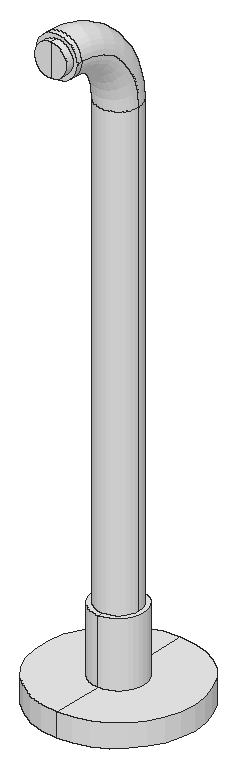
Revit family "Shower_Arm-Rainshower-Grohe-28983_Series", category Plumbing Fixtures, host Face, Revit 2018
Family settings
  Host = Face
  Round Connector Dimension = Use Diameter
  Part Type = Normal
  OmniClass Number = 23.45.05.14.17
  OmniClass Title = Showers
  Cut with Voids When Loaded = No
  Shared = Yes
  Room Calculation Point = No
Parameters (values of type "28983000")
  Width = 3 3/4"
  Waste Connection = no
  Warranty Information = "Lifetime Limited Warranty"  # constant formula
  WFU = 4  # constant formula
  Vent Connection = no
  URL = "https://www.grohe.ca/"
  Type Comments = ""
  Region = "North America"  # constant formula
  Product Page URL = "https://www.grohe.ca/Hand-Showers-Accessories/16-Inch-Jumbo-Shower-Arm/GROHE-CHROME-28983000"
  Product Documentation Link = "https://americanstandard.box.com/shared/static/4t7slciv7bagn5no5a7oo1nnb1pl9xh2.pdf"
  Price = "Prices may vary. Please consult Manufacturer Representative for most up-to-date price list."  # constant formula
  Model = "28983000"
  Material = "Metal-Grohe-000-Starlight Chrome"
  Manufacturer = "Grohe"  # constant formula
  Length = 14 7/8"
  Installation Type = "Wall-Mounted"  # constant formula
  Inlet Connector Diameter = 1/2"
  IAPMO Compliance = ""
  Hot Water Connection Diameter = 1/2"  # constant formula
  Height = 3 15/16"
  HWFU = 3  # constant formula
  HW Connection = yes
  Description = "Wall Mounted 16 Shower Arm"  # constant formula
  Default Elevation = 0"
  Creation Date = "04/08/2021"  # constant formula
  Cold Water Connection Diameter = 1/2"  # constant formula
  CWFU = 3  # constant formula
  CW Connection = yes
  Body Material = Metal-Grohe-000-Starlight Chrome
  Assembly Code = "D2010700"
Types (5): name | Product Page URL | Product Documentation Link | Model | Material | Body Material
  (no name) | "https://www.grohe.ca/Hand-Showers-Accessories/16-Inch-Jumbo-Shower-Arm/GROHE-CHROME-28983000" | "https://americanstandard.box.com/shared/static/4t7slciv7bagn5no5a7oo1nnb1pl9xh2.pdf" | "28983000" | "Metal-Grohe-000-Starlight Chrome" | Metal-Grohe-000-Starlight Chrome
  28983000 | "https://www.grohe.ca/Hand-Showers-Accessories/16-Inch-Jumbo-Shower-Arm/GROHE-CHROME-28983000" | "https://americanstandard.box.com/shared/static/4t7slciv7bagn5no5a7oo1nnb1pl9xh2.pdf" | "28983000" | "Metal-Grohe-000-Starlight Chrome" | Metal-Grohe-000-Starlight Chrome
  28983EN0 | "https://www.grohe.ca/Hand-Showers-Accessories/16-Inch-Jumbo-Shower-Arm/GROHE-BRUSHED-NICKEL-28983EN0" | "https://americanstandard.box.com/shared/static/3w0e2v0uhtuhsjabrr2u55dp4ffhulmw.pdf" | "28983EN0" | "Metal-Grohe-EN0-Brushed Nickel Infinity Finish" | Metal-Grohe-EN0-Brushed Nickel Infinity Finish
  28983KS0 | "https://www.grohe.ca/Hand-Showers-Accessories/16-Inch-Jumbo-Shower-Arm/GROHE-VELVET-BLACK-28983KS0" | "https://americanstandard.box.com/shared/static/71edkgyu1ejo5fu147f516as4zrfvjzh.pdf" | "28983KS0" | "Metal-Grohe-KS0-Velvet_Black" | Metal-Grohe-KS0-Velvet Black
  28983ZB0 | "https://www.grohe.ca/Hand-Showers-Accessories/16-Inch-Jumbo-Shower-Arm/GROHE-OIL-RUBBED-BRONZE-28983ZB0" | "https://americanstandard.box.com/shared/static/1llt9cd54ptm0dn7uoec4bli0ynmrxrq.pdf" | "28983ZB0" | "Metal-Grohe-ZB0-Oiled Rubbed Bronze" | Metal-Grohe-ZB0-Oiled Rubbed Bronze
Reference planes (in)
  plane 1 "Center (Front/Back)": y = 0
  plane 2: z = 0
  plane 3 "Center (Left/Right)": x = 0
  plane 4: y = 1.875
  plane 5: y = -1.875
  plane 6: z = 14.875
  plane 7: z = 0.5625
  plane 8: z = 2.125
  plane 9: y = -2.0625
  plane 10: x = 1.875
  plane 11: x = -1.875
Forms (in)
  Revolve 1, solid, material "Metal-Grohe-000-Starlight Chrome" <- "Body Material"
    sketch origin (0, 0, 0) x (0, 1, 0) y (0, 0, 1)
      loop
        line (0, 0) -> (0, 0.5625) -> (-1.875, 0.5625) -> (-1.875, 0) -> (0, 0)
      axis (0, 0) -> (0, 0.5625)
    angle from 0 to 360
  Revolve 2, solid, material "Metal-Grohe-000-Starlight Chrome" <- "Body Material"
    sketch origin (0, 0, 0) x (0, 1, 0) y (0, 0, 1)
      loop
        line (0, 0.5625) -> (0, 2.125) -> (-0.625, 2.125) -> (-0.625, 0.5625) -> (0, 0.5625)
      axis (0, 0.5625) -> (0, 2.125)
    angle from 0 to 360
  Sweep 3, solid, material "Metal-Grohe-000-Starlight Chrome" <- "Body Material"
    path origin (0, 0, 0) x (0, 1, 0) y (0, 0, 1)
      loop
        line (-1.875, 14.875) -> (-1.75, 14.875)
        arc (-1.75, 14.875) -> (-0.51256, 14.36244) -> (0, 13.125) r 1.75
        line (0, 13.125) -> (0, 2.125)
    profile origin (0, -1.8125, 14.875) x (0, 0, 1) y (1, 0, 0)
      loop
        circle (0, 0) r 0.5
  Revolve 4, solid, material "Metal-Grohe-000-Starlight Chrome" <- "Body Material"
    sketch origin (0, 0, 0) x (0, 1, 0) y (0, 0, 1)
      loop
        line (-1.875, 14.875) -> (-1.875, 15.26826) -> (-2.0625, 15.26826) -> (-2.0625, 14.875) -> (-1.875, 14.875)
      axis (-1.875, 14.875) -> (-2.0625, 14.875)
    angle from 0 to 360
  Extrusion 5, solid
    sketch origin (0, 0, 0) x (1, 0, 0) y (0, 1, 0)
      loop
        circle (0, 0) r 0.25
    from -0.04751 to 0
Lines and regions (in)
  Masking region 1
    outline origin (0, 0, 0) x (1, 0, 0) y (0, 0, 1)
      loop
        line (1.875, 0) -> (1.875, 0.5625) -> (0.625, 0.5625) -> (0.625, 2.125) -> (0.5, 2.125) -> (0.5, 14.875)
        arc (0.5, 14.875) -> (0, 15.375) -> (-0.5, 14.875) r 0.5
        line (-0.5, 14.875) -> (-0.5, 2.125) -> (-0.625, 2.125) -> (-0.625, 0.5625) -> (-1.875, 0.5625) -> (-1.875, 0) -> (1.875, 0)
  symbolic lines, detail levels fine
    curve 1: line (0.5, 0, 2.125) -> (-0.5, 0, 2.125)
    curve 2: line (-0.625, 0, 0.5625) -> (0.625, 0, 0.5625)
Dimensions and locks (in)
  "Height": plane 9 to plane 4
  "Width": plane 11 to plane 10
  "Length": plane 6 to host face
  "Inlet Connector Diameter": diameter of Extrusion 5 sketch curve
  aligned and locked: plane 2 to host face
  aligned and locked: level to host face
  aligned and locked: plane 1 "Center (Front/Back)" to Revolve 1 sketch curve
  aligned and locked: Revolve 1 sketch curve to plane 5
  aligned and locked: host face to Revolve 1 sketch curve
  aligned and locked: plane 7 to Revolve 1 sketch curve
  aligned and locked: plane 8 to Revolve 2 sketch curve
  aligned and locked: plane 1 "Center (Front/Back)" to Revolve 2 sketch curve
  aligned and locked: Revolve 2 sketch curve to plane 7
  aligned and locked: Sweep 3 sketch curve to Revolve 2
  aligned and locked: plane 9 to Revolve 4 sketch curve
  aligned and locked: Extrusion 5 to Revolve 1
Automatic sketch dimensions
  host sketch curve to host sketch curve = 96"  (x2)
  Revolve 1 sketch curve to plane 1 "Center (Front/Back)" = 0"
  Revolve 1 sketch curve to plane 7 = 0.37268"
  Revolve 1 sketch curve to Revolve 1 sketch curve = 1/2"
  Revolve 2 sketch curve to plane 1 "Center (Front/Back)" = 0"
  plane 1 "Center (Front/Back)" to Revolve 2 sketch curve = 5/8"
  Revolve 2 sketch curve to plane 8 = 0.35309"
  Revolve 2 sketch curve to Revolve 2 sketch curve = 0.13785"
  Sweep 3 sketch curve to plane 5 = 0"
  plane 6 to Sweep 3 sketch curve = 0"
  Sweep 3 sketch curve to plane 1 "Center (Front/Back)" = 0"
  Sweep 3 sketch curve to plane 5 = 1/8"
  Sweep 3 sketch curve to plane 3 "Center (Left/Right)" = 0"
  Sweep 3 sketch curve to profile plane = 0"
  plane 6 to Revolve 4 sketch curve = 0"  (x2)
  Revolve 4 sketch curve to plane 5 = 0"
  Revolve 4 sketch curve to Revolve 4 sketch curve = 0.39326"
  Revolve 4 sketch curve to Revolve 4 sketch curve = 1/4"
  Revolve 4 sketch curve to Revolve 4 sketch curve = 0.22103"
  Masking region 1 sketch curve to level = 0"
  Masking region 1 sketch curve to plane 11 = 0"
  Masking region 1 sketch curve to plane 7 = 0"  (x2)
  Masking region 1 sketch curve to plane 8 = 0"  (x2)
  Masking region 1 sketch curve to plane 6 = 0"
  Masking region 1 sketch curve to plane 3 "Center (Left/Right)" = 0"
  plane 10 to Masking region 1 sketch curve = 0"
  Masking region 1 sketch curve to plane 3 "Center (Left/Right)" = 5/8"
  Masking region 1 sketch curve to Masking region 1 sketch curve = 1/2"
  Masking region 1 sketch curve to Masking region 1 sketch curve = 1/8"
  curve 2 to plane 7 = 0"
  curve 1 to plane 8 = 0"
  curve 2 to plane 3 "Center (Left/Right)" = 5/8"
  curve 1 to plane 3 "Center (Left/Right)" = 1/2"
  plane 3 "Center (Left/Right)" to curve 1 = 1/2"
  plane 3 "Center (Left/Right)" to curve 2 = 5/8"
  plane 1 "Center (Front/Back)" to Extrusion 5 sketch curve = 0"
  Extrusion 5 sketch curve to plane 3 "Center (Left/Right)" = 0"
  radius of Sweep 3 sketch curve = 1/2"
Connectors (in)
  piping at (0, 0, -0.04751), diameter 0.5, driven by "Inlet Connector Diameter", driven by "CWFU"
    settings: on Extrusion 5, index 1, connector inside diameter 24", connector length 0", flow factor 0, pipe flow 0 GPM, pressure drop 0.00 psi, fitting loss kfactor 0, connector angle 0.00°, fixture units 3, engagement length 0", angle of deflection 0.00°, flow configuration 3, flow direction 1, fitting loss method 0, system type 29, joint type 0, gender type 0, connector reference index -1, connector utility 0, adjustable connector no, is connector primary yes, connector description "1/2\" NPT Male Thread"
